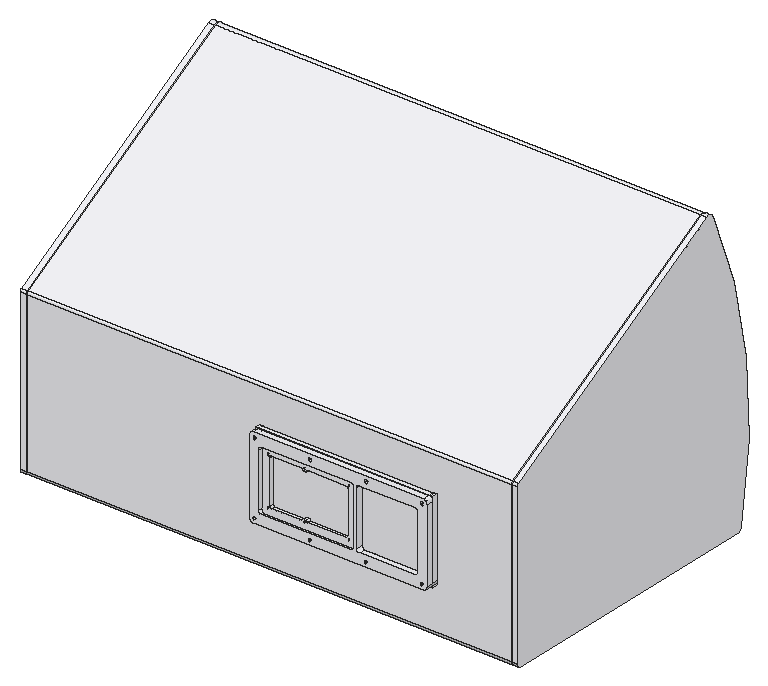
Revit family "EVU-1082", category Communication Devices, Revit 2017 (continued)
Definition of nested family "InputPanel_small"
  Lines and regions (mm)
    model lines, not visible
      curve 386: line (58.729, -9.5, 63.926) -> (58.568, -9.5, 64.914)
      curve 387: line (58.568, -9.5, 64.914) -> (58.11, -9.5, 65.752)
      curve 388: line (58.11, -9.5, 65.752) -> (57.423, -9.5, 66.311)
      curve 389: line (57.423, -9.5, 66.311) -> (56.614, -9.5, 66.508)
      curve 390: line (56.614, -9.5, 66.508) -> (55.805, -9.5, 66.311)
      curve 391: line (55.805, -9.5, 66.311) -> (55.118, -9.5, 65.751)
      curve 392: line (55.118, -9.5, 65.751) -> (54.664, -9.5, 64.92)
      curve 393: line (54.66, -9.5, 64.914) -> (54.376, -9.5, 63.925)
      curve 394: line (54.376, -9.5, 63.925) -> (53.684, -9.5, 63.925)
      curve 395: line (53.684, -9.5, 63.925) -> (51.566, -9.5, 63.925)
      curve 396: line (51.566, -9.5, 63.925) -> (51.567, -9.5, 70.15)
      curve 397: line (54.497, -9.5, 82.844) -> (54.658, -9.5, 81.856)
      curve 398: line (54.658, -9.5, 81.856) -> (55.117, -9.5, 81.019)
      curve 399: line (55.117, -9.5, 81.019) -> (55.803, -9.5, 80.459)
      curve 400: line (55.803, -9.5, 80.459) -> (56.612, -9.5, 80.263)
      curve 401: line (56.612, -9.5, 80.263) -> (57.422, -9.5, 80.459)
      curve 402: line (57.422, -9.5, 80.459) -> (58.108, -9.5, 81.019)
      curve 403: line (58.108, -9.5, 81.019) -> (58.566, -9.5, 81.857)
      curve 404: line (58.566, -9.5, 81.857) -> (58.727, -9.5, 82.845)
      curve 405: line (58.727, -9.5, 82.845) -> (58.566, -9.5, 83.833)
      curve 406: line (58.566, -9.5, 83.833) -> (58.107, -9.5, 84.671)
      curve 407: line (58.107, -9.5, 84.671) -> (57.421, -9.5, 85.23)
      curve 408: line (57.421, -9.5, 85.23) -> (56.612, -9.5, 85.427)
      curve 409: line (56.612, -9.5, 85.427) -> (55.802, -9.5, 85.23)
      curve 410: line (55.802, -9.5, 85.23) -> (55.116, -9.5, 84.67)
      curve 411: line (55.116, -9.5, 84.67) -> (54.661, -9.5, 83.839)
      curve 412: line (54.658, -9.5, 83.833) -> (54.374, -9.5, 82.844)
      curve 413: line (54.374, -9.5, 82.844) -> (53.682, -9.5, 82.844)
      curve 414: line (53.682, -9.5, 82.844) -> (51.565, -9.5, 82.844)
      curve 415: line (51.565, -9.5, 82.844) -> (51.565, -9.5, 85.997)
      curve 416: line (54.498, -9.5, 70.232) -> (54.66, -9.5, 69.244)
      curve 417: line (54.66, -9.5, 69.244) -> (55.118, -9.5, 68.406)
      curve 418: line (55.118, -9.5, 68.406) -> (55.804, -9.5, 67.846)
      curve 419: line (55.804, -9.5, 67.846) -> (56.614, -9.5, 67.65)
      curve 420: line (56.614, -9.5, 67.65) -> (57.423, -9.5, 67.847)
      curve 421: line (57.423, -9.5, 67.847) -> (58.109, -9.5, 68.406)
      curve 422: line (58.109, -9.5, 68.406) -> (58.568, -9.5, 69.244)
      curve 423: line (58.568, -9.5, 69.244) -> (58.729, -9.5, 70.232)
      curve 424: line (58.729, -9.5, 70.232) -> (58.568, -9.5, 71.22)
      curve 425: line (58.568, -9.5, 71.22) -> (58.109, -9.5, 72.058)
      curve 426: line (58.109, -9.5, 72.058) -> (57.423, -9.5, 72.618)
      curve 427: line (57.423, -9.5, 72.618) -> (56.613, -9.5, 72.814)
      curve 428: line (56.613, -9.5, 72.814) -> (55.804, -9.5, 72.617)
      curve 429: line (55.804, -9.5, 72.617) -> (55.118, -9.5, 72.058)
      curve 430: line (55.118, -9.5, 72.058) -> (54.663, -9.5, 71.227)
      curve 431: line (54.659, -9.5, 71.22) -> (54.376, -9.5, 70.232)
      curve 432: line (54.376, -9.5, 70.232) -> (53.684, -9.5, 70.232)
      curve 433: line (53.684, -9.5, 70.232) -> (51.566, -9.5, 70.231)
      curve 434: line (51.566, -9.5, 70.231) -> (51.567, -9.5, 76.427)
      curve 435: line (57.428, -9.5, 60.773) -> (57.64, -9.5, 60.773)
      curve 436: line (57.64, -9.5, 60.773) -> (57.64, -9.5, 61.116)
      curve 437: line (57.561, -9.5, 61.254) -> (57.428, -9.5, 61.38)
      curve 438: line (57.428, -9.5, 61.38) -> (57.428, -9.5, 60.773)
      curve 439: line (57.428, -9.5, 60.773) -> (55.801, -9.5, 60.772)
      curve 440: line (55.801, -9.5, 60.772) -> (55.801, -9.5, 61.379)
      curve 441: line (55.8, -9.5, 67.687) -> (55.8, -9.5, 66.472)
      curve 442: line (55.8, -9.5, 73.992) -> (55.8, -9.5, 72.777)
      curve 443: line (55.799, -9.5, 80.299) -> (55.799, -9.5, 79.084)
      curve 444: line (57.425, -9.5, 85.998) -> (57.637, -9.5, 85.998)
      curve 445: line (57.637, -9.5, 85.998) -> (57.637, -9.5, 85.632)
      curve 446: line (57.558, -9.5, 85.516) -> (57.425, -9.5, 85.39)
      curve 447: line (57.425, -9.5, 85.39) -> (57.425, -9.5, 85.998)
      curve 448: line (57.425, -9.5, 85.998) -> (55.798, -9.5, 85.998)
      curve 449: line (55.798, -9.5, 85.998) -> (55.798, -9.5, 85.39)
      curve 450: line (57.638, -9.5, 80.036) -> (57.634, -9.5, 79.358)
      curve 451: line (57.559, -9.5, 79.211) -> (57.426, -9.5, 79.085)
      curve 452: line (57.426, -9.5, 79.085) -> (57.426, -9.5, 80.3)
      curve 453: line (57.426, -9.5, 80.3) -> (57.559, -9.5, 80.173)
      curve 454: line (57.427, -9.5, 73.992) -> (57.427, -9.5, 72.777)
      curve 455: line (57.427, -9.5, 72.777) -> (57.56, -9.5, 72.903)
      curve 456: line (57.638, -9.5, 73.019) -> (57.638, -9.5, 73.728)
      curve 457: line (57.56, -9.5, 73.866) -> (57.427, -9.5, 73.992)
      curve 458: line (57.639, -9.5, 67.423) -> (57.636, -9.5, 66.745)
      curve 459: line (57.561, -9.5, 66.598) -> (57.428, -9.5, 66.472)
      curve 460: line (57.428, -9.5, 66.472) -> (57.427, -9.5, 67.687)
      curve 461: line (57.427, -9.5, 67.687) -> (57.561, -9.5, 67.561)
      curve 462: line (52.991, -9.5, 73.096) -> (55.108, -9.5, 73.096)
      curve 463: line (55.108, -9.5, 73.096) -> (55.108, -9.5, 73.673)
      curve 464: line (55.108, -9.5, 73.673) -> (52.991, -9.5, 73.672)
      curve 465: line (52.991, -9.5, 73.672) -> (52.991, -9.5, 73.096)
      curve 466: line (52.99, -9.5, 79.403) -> (52.99, -9.5, 79.98)
      curve 467: line (52.99, -9.5, 79.98) -> (55.107, -9.5, 79.98)
      curve 468: line (55.107, -9.5, 79.98) -> (55.107, -9.5, 79.404)
      curve 469: line (55.107, -9.5, 79.404) -> (52.99, -9.5, 79.403)
      curve 470: line (52.991, -9.5, 66.791) -> (52.991, -9.5, 67.367)
      curve 471: line (52.991, -9.5, 67.367) -> (55.109, -9.5, 67.367)
      curve 472: line (55.109, -9.5, 67.367) -> (55.109, -9.5, 66.791)
      curve 473: line (55.109, -9.5, 66.791) -> (52.991, -9.5, 66.791)
      curve 474: line (55.107, -9.5, 85.998) -> (52.989, -9.5, 85.997)
      curve 475: line (52.989, -9.5, 85.997) -> (52.989, -9.5, 85.709)
      curve 476: line (52.989, -9.5, 85.709) -> (55.107, -9.5, 85.709)
      curve 477: line (55.107, -9.5, 85.709) -> (55.107, -9.5, 85.998)
      curve 478: line (55.107, -9.5, 85.998) -> (55.798, -9.5, 85.998)
      curve 479: line (55.801, -9.5, 60.772) -> (55.11, -9.5, 60.772)
      curve 480: line (55.11, -9.5, 60.772) -> (55.11, -9.5, 61.06)
      curve 481: line (55.11, -9.5, 61.06) -> (52.992, -9.5, 61.06)
      curve 482: line (52.992, -9.5, 61.06) -> (52.992, -9.5, 60.772)
      curve 483: line (52.992, -9.5, 60.772) -> (55.11, -9.5, 60.772)
      curve 484: line (54.504, -9.5, 76.743) -> (56.298, -9.5, 74.554)
      curve 485: line (56.298, -9.5, 74.554) -> (55.807, -9.5, 74.222)
      curve 486: line (54.503, -9.5, 83.049) -> (56.297, -9.5, 80.86)
      curve 487: line (56.297, -9.5, 80.86) -> (55.806, -9.5, 80.528)
      curve 488: line (54.531, -9.5, 76.998) -> (56.131, -9.5, 75.046)
      curve 489: line (56.131, -9.5, 75.046) -> (56.7, -9.5, 75.046)
      curve 490: line (56.7, -9.5, 75.046) -> (54.662, -9.5, 77.533)
      curve 491: line (54.531, -9.5, 83.304) -> (56.13, -9.5, 81.352)
      curve 492: line (56.13, -9.5, 81.352) -> (56.699, -9.5, 81.352)
      curve 493: line (56.699, -9.5, 81.352) -> (54.661, -9.5, 83.839)
      curve 494: line (54.505, -9.5, 70.437) -> (56.298, -9.5, 68.248)
      curve 495: line (56.298, -9.5, 68.248) -> (55.807, -9.5, 67.915)
      curve 496: line (54.506, -9.5, 64.13) -> (56.299, -9.5, 61.942)
      curve 497: line (56.299, -9.5, 61.942) -> (55.808, -9.5, 61.609)
      curve 498: line (54.533, -9.5, 64.385) -> (56.132, -9.5, 62.433)
      curve 499: line (56.132, -9.5, 62.433) -> (56.702, -9.5, 62.433)
      curve 500: line (56.702, -9.5, 62.433) -> (54.664, -9.5, 64.92)
      curve 501: line (54.532, -9.5, 70.691) -> (56.131, -9.5, 68.739)
      curve 502: line (56.131, -9.5, 68.739) -> (56.701, -9.5, 68.739)
      curve 503: line (56.701, -9.5, 68.739) -> (54.663, -9.5, 71.227)
      curve 504: line (51.568, -9.5, 63.815) -> (51.568, -9.5, 60.772)
      curve 505: line (51.568, -9.5, 60.772) -> (46.145, -9.5, 60.771)
      curve 506: line (46.145, -9.5, 60.771) -> (46.141, -9.5, 85.996)
      curve 507: line (46.141, -9.5, 85.996) -> (51.565, -9.5, 85.997)
      curve 508: line (51.565, -9.5, 85.997) -> (52.989, -9.5, 85.997)
      curve 509: line (52.989, -9.5, 85.997) -> (49.876, -9.5, 86.125)
      curve 510: line (49.876, -9.5, 86.125) -> (49.754, -9.5, 86.302)
      curve 511: line (52.992, -9.5, 60.772) -> (51.568, -9.5, 60.772)
      curve 512: line (45.361, -9.5, 79.392) -> (45.362, -9.5, 73.88)
      curve 513: line (45.362, -9.5, 73.88) -> (41.147, -9.5, 73.88)
      curve 514: line (41.147, -9.5, 73.88) -> (41.146, -9.5, 79.392)
      curve 515: line (41.146, -9.5, 79.392) -> (45.361, -9.5, 79.392)
      curve 516: line (41.146, -9.5, 79.988) -> (41.145, -9.5, 85.499)
      curve 517: line (41.145, -9.5, 85.499) -> (45.36, -9.5, 85.5)
      curve 518: line (45.36, -9.5, 85.5) -> (45.361, -9.5, 79.988)
      curve 519: line (45.361, -9.5, 79.988) -> (41.146, -9.5, 79.988)
      curve 520: line (45.819, -9.5, 60.771) -> (45.816, -9.5, 85.996)
      curve 521: line (45.816, -9.5, 85.996) -> (40.689, -9.5, 85.996)
      curve 522: line (40.689, -9.5, 85.996) -> (40.692, -9.5, 60.771)
      curve 523: line (40.692, -9.5, 60.771) -> (45.819, -9.5, 60.771)
      curve 524: line (45.819, -9.5, 60.771) -> (46.145, -9.5, 60.771)
      curve 525: line (45.363, -9.5, 66.78) -> (45.363, -9.5, 61.268)
      curve 526: line (45.363, -9.5, 61.268) -> (41.148, -9.5, 61.267)
      curve 527: line (41.148, -9.5, 61.267) -> (41.147, -9.5, 66.779)
      curve 528: line (41.147, -9.5, 66.779) -> (45.363, -9.5, 66.78)
      curve 529: line (41.147, -9.5, 67.375) -> (41.147, -9.5, 72.887)
      curve 530: line (41.147, -9.5, 72.887) -> (45.362, -9.5, 72.887)
      curve 531: line (45.362, -9.5, 72.887) -> (45.363, -9.5, 67.375)
      curve 532: line (45.363, -9.5, 67.375) -> (41.147, -9.5, 67.375)
      curve 533: line (45.816, -9.5, 85.996) -> (46.141, -9.5, 85.996)
      curve 534: line (46.141, -9.5, 85.996) -> (42.88, -9.5, 86.124)
      curve 535: line (42.88, -9.5, 86.124) -> (42.758, -9.5, 86.301)
      curve 536: line (42.758, -9.5, 86.301) -> (45.891, -9.5, 86.301)
      curve 537: line (45.891, -9.5, 86.301) -> (46.013, -9.5, 86.124)
      curve 538: line (45.361, -9.5, 78.225) -> (43.953, -9.5, 78.225)
      curve 539: line (43.953, -9.5, 78.225) -> (43.627, -9.5, 78.913)
      curve 540: line (43.627, -9.5, 78.913) -> (43.242, -9.5, 79.392)
      curve 541: line (45.363, -9.5, 65.613) -> (43.954, -9.5, 65.612)
      curve 542: line (43.954, -9.5, 65.612) -> (43.629, -9.5, 66.3)
      curve 543: line (43.629, -9.5, 66.3) -> (43.244, -9.5, 66.779)
      curve 544: line (45.362, -9.5, 68.542) -> (43.954, -9.5, 68.542)
      curve 545: line (43.954, -9.5, 68.542) -> (43.629, -9.5, 67.854)
      curve 546: line (43.629, -9.5, 67.854) -> (43.244, -9.5, 67.375)
      curve 547: line (45.361, -9.5, 81.155) -> (43.952, -9.5, 81.155)
      curve 548: line (43.952, -9.5, 81.155) -> (43.627, -9.5, 80.467)
      curve 549: line (43.627, -9.5, 80.467) -> (43.242, -9.5, 79.988)
      curve 550: line (45.362, -9.5, 71.919) -> (43.954, -9.5, 71.919)
      curve 551: line (43.954, -9.5, 71.919) -> (43.628, -9.5, 72.607)
      curve 552: line (43.628, -9.5, 72.607) -> (43.403, -9.5, 72.887)
      curve 553: line (45.361, -9.5, 84.532) -> (43.952, -9.5, 84.531)
      curve 554: line (43.952, -9.5, 84.531) -> (43.627, -9.5, 85.219)
      curve 555: line (43.627, -9.5, 85.219) -> (43.401, -9.5, 85.5)
      curve 556: line (45.362, -9.5, 74.849) -> (43.953, -9.5, 74.848)
      curve 557: line (43.953, -9.5, 74.848) -> (43.628, -9.5, 74.16)
      curve 558: line (43.403, -9.5, 73.88) -> (43.628, -9.5, 74.16)
      curve 559: line (43.628, -9.5, 74.16) -> (43.627, -9.5, 78.913)
      curve 560: line (45.363, -9.5, 62.236) -> (43.955, -9.5, 62.236)
      curve 561: line (43.955, -9.5, 62.236) -> (43.629, -9.5, 61.548)
      curve 562: line (43.629, -9.5, 61.548) -> (43.629, -9.5, 66.3)
      curve 563: line (43.404, -9.5, 61.267) -> (43.629, -9.5, 61.548)
      curve 564: line (43.954, -9.5, 68.542) -> (43.954, -9.5, 71.919)
      curve 565: line (43.952, -9.5, 81.155) -> (43.952, -9.5, 84.531)
      curve 566: line (43.954, -9.5, 65.612) -> (43.955, -9.5, 62.236)
      curve 567: line (43.953, -9.5, 78.225) -> (43.953, -9.5, 74.848)
      curve 568: line (45.891, -9.5, 86.301) -> (45.891, -9.5, 86.563)
      curve 569: line (45.891, -9.5, 86.563) -> (42.758, -9.5, 86.562)
      curve 570: line (42.758, -9.5, 86.562) -> (42.758, -9.5, 86.301)
      curve 571: line (45.891, -9.5, 86.563) -> (46.472, -9.5, 86.563)
      curve 572: line (46.472, -9.5, 86.563) -> (46.472, -9.5, 86.301)
      curve 573: line (46.472, -9.5, 86.301) -> (46.35, -9.5, 86.124)
      curve 574: line (42.244, -9.5, 79.988) -> (42.243, -9.5, 85.499)
      curve 575: line (42.246, -9.5, 67.375) -> (42.245, -9.5, 72.887)
      curve 576: line (42.246, -9.5, 61.267) -> (42.246, -9.5, 66.779)
      curve 577: line (42.245, -9.5, 73.88) -> (42.244, -9.5, 79.392)
      curve 578: line (43.629, -9.5, 67.854) -> (43.628, -9.5, 72.607)
      curve 579: line (43.627, -9.5, 80.467) -> (43.627, -9.5, 85.219)
      curve 580: line (52.887, -9.5, 86.302) -> (53.009, -9.5, 86.125)
      curve 581: line (52.887, -9.5, 86.563) -> (52.887, -9.5, 86.302)
      curve 582: line (52.887, -9.5, 86.302) -> (49.754, -9.5, 86.302)
      curve 583: line (49.754, -9.5, 86.302) -> (49.754, -9.5, 86.563)
      curve 584: line (49.754, -9.5, 86.563) -> (52.887, -9.5, 86.563)
      curve 585: line (52.887, -9.5, 86.563) -> (53.468, -9.5, 86.563)
      curve 586: line (53.468, -9.5, 86.563) -> (53.468, -9.5, 86.302)
      curve 587: line (53.468, -9.5, 86.302) -> (53.346, -9.5, 86.125)
      curve 588: line (78.97, -9.5, 60.972) -> (78.967, -9.5, 85.803)
      curve 589: line (78.912, -9.5, 85.748) -> (78.915, -9.5, 61.027)
      curve 590: line (77.958, -9.5, 86.812) -> (40.515, -9.5, 86.808)
      curve 591: line (40.57, -9.5, 86.753) -> (77.903, -9.5, 86.757)
      curve 592: line (39.506, -9.5, 85.799) -> (39.509, -9.5, 60.968)
      curve 593: line (39.509, -9.5, 60.97) -> (39.561, -9.5, 85.744)
      curve 594: line (40.518, -9.5, 59.959) -> (77.962, -9.5, 59.963)
      curve 595: line (77.907, -9.5, 60.018) -> (40.573, -9.5, 60.014)
      curve 596: line (61.368, -9.5, 70.233) -> (59.749, -9.5, 70.232)
      curve 597: line (59.749, -9.5, 70.232) -> (59.415, -9.5, 70.232)
      curve 598: line (61.369, -9.5, 63.926) -> (59.75, -9.5, 63.926)
      curve 599: line (59.75, -9.5, 63.926) -> (59.417, -9.5, 63.926)
      curve 600: line (61.367, -9.5, 76.539) -> (59.748, -9.5, 76.539)
      curve 601: line (59.748, -9.5, 76.539) -> (59.415, -9.5, 76.539)
      curve 602: line (61.367, -9.5, 82.845) -> (59.747, -9.5, 82.845)
      curve 603: line (59.747, -9.5, 82.845) -> (59.414, -9.5, 82.845)
      curve 604: line (57.109, -9.5, 76.538) -> (58.728, -9.5, 76.539)
      curve 605: line (58.728, -9.5, 76.539) -> (59.062, -9.5, 76.539)
      curve 606: line (57.108, -9.5, 82.845) -> (58.727, -9.5, 82.845)
      curve 607: line (58.727, -9.5, 82.845) -> (59.06, -9.5, 82.845)
      curve 608: line (57.109, -9.5, 70.232) -> (58.729, -9.5, 70.232)
      curve 609: line (58.729, -9.5, 70.232) -> (59.062, -9.5, 70.232)
      curve 610: line (57.11, -9.5, 63.926) -> (58.729, -9.5, 63.926)
      curve 611: line (58.729, -9.5, 63.926) -> (59.063, -9.5, 63.926)
    model lines
      curve 612: arc (-30.696, -4.337, 30.291) -> (-31.037, -4.337, 28.695) -> (-32.139, -4.337, 27.491) r 3.109
      curve 613: arc (-30.695, -4.337, 42.904) -> (-31.035, -4.337, 41.308) -> (-32.138, -4.337, 40.104) r 3.109
      curve 614: arc (-30.698, -4.337, 23.985) -> (-31.033, -4.337, 22.399) -> (-32.121, -4.337, 21.198) r 3.108
      curve 615: arc (-30.696, -4.337, 36.598) -> (-31.031, -4.337, 35.012) -> (-32.119, -4.337, 33.811) r 3.108
      curve 616: arc (-31.992, -4.337, 33.004) -> (-31.001, -4.337, 31.812) -> (-30.695, -4.337, 30.291) r 3.166
      curve 617: arc (-31.991, -4.337, 45.616) -> (-30.999, -4.337, 44.424) -> (-30.693, -4.337, 42.904) r 3.166
      curve 618: arc (-31.993, -4.337, 26.696) -> (-31.002, -4.337, 25.504) -> (-30.696, -4.337, 23.985) r 3.165
      curve 619: arc (-31.991, -4.337, 39.309) -> (-31.001, -4.337, 38.117) -> (-30.695, -4.337, 36.598) r 3.165
      curve 620: arc (-30.343, -4.337, 36.598) -> (-30.002, -4.337, 38.194) -> (-28.9, -4.337, 39.398) r 3.109
      curve 621: arc (-30.344, -4.337, 23.985) -> (-30.004, -4.337, 25.581) -> (-28.901, -4.337, 26.785) r 3.109
      curve 622: arc (-30.341, -4.337, 42.904) -> (-30.006, -4.337, 44.49) -> (-28.918, -4.337, 45.691) r 3.108
      curve 623: arc (-30.343, -4.337, 30.291) -> (-30.007, -4.337, 31.877) -> (-28.92, -4.337, 33.078) r 3.108
      curve 624: arc (-29.046, -4.337, 33.885) -> (-30.038, -4.337, 35.077) -> (-30.344, -4.337, 36.598) r 3.166
      curve 625: arc (-29.048, -4.337, 21.273) -> (-30.039, -4.337, 22.465) -> (-30.346, -4.337, 23.985) r 3.166
      curve 626: arc (-29.046, -4.337, 40.193) -> (-30.037, -4.337, 41.385) -> (-30.343, -4.337, 42.904) r 3.165
      curve 627: arc (-29.048, -4.337, 27.58) -> (-30.038, -4.337, 28.772) -> (-30.344, -4.337, 30.291) r 3.165
      curve 628: arc (-33.959, -4.337, 27.746) -> (-35.033, -4.337, 28.816) -> (-35.384, -4.337, 30.292) r 2.775
      curve 629: arc (-34.651, -4.337, 27.426) -> (-35.725, -4.337, 28.679) -> (-36.075, -4.337, 30.292) r 3.371
      curve 630: arc (-33.959, -4.337, 27.746) -> (-34.28, -4.337, 27.533) -> (-34.651, -4.337, 27.426) r 1.273
      curve 631: arc (-33.957, -4.337, 40.358) -> (-35.031, -4.337, 41.429) -> (-35.382, -4.337, 42.905) r 2.775
      curve 632: arc (-34.649, -4.337, 40.039) -> (-35.723, -4.337, 41.292) -> (-36.074, -4.337, 42.905) r 3.371
      curve 633: arc (-33.957, -4.337, 40.358) -> (-34.279, -4.337, 40.146) -> (-34.649, -4.337, 40.039) r 1.273
      curve 634: arc (-33.96, -4.337, 21.44) -> (-35.033, -4.337, 22.511) -> (-35.384, -4.337, 23.986) r 2.774
      curve 635: arc (-34.651, -4.337, 21.121) -> (-35.725, -4.337, 22.374) -> (-36.075, -4.337, 23.986) r 3.37
      curve 636: arc (-33.96, -4.337, 21.44) -> (-34.281, -4.337, 21.228) -> (-34.651, -4.337, 21.121) r 1.273
      curve 637: arc (-33.958, -4.337, 34.053) -> (-35.032, -4.337, 35.123) -> (-35.382, -4.337, 36.598) r 2.774
      curve 638: arc (-34.65, -4.337, 33.734) -> (-35.723, -4.337, 34.986) -> (-36.074, -4.337, 36.598) r 3.37
      curve 639: arc (-33.958, -4.337, 34.053) -> (-34.28, -4.337, 33.84) -> (-34.65, -4.337, 33.734) r 1.273
      curve 640: arc (-35.384, -4.337, 30.292) -> (-35.033, -4.337, 31.767) -> (-33.958, -4.337, 32.838) r 2.775
      curve 641: arc (-34.65, -4.337, 33.157) -> (-34.28, -4.337, 33.051) -> (-33.958, -4.337, 32.838) r 1.273
      curve 642: arc (-36.075, -4.337, 30.292) -> (-35.724, -4.337, 31.905) -> (-34.65, -4.337, 33.157) r 3.371
      curve 643: arc (-35.382, -4.337, 42.905) -> (-35.031, -4.337, 44.38) -> (-33.957, -4.337, 45.451) r 2.775
      curve 644: arc (-34.648, -4.337, 45.77) -> (-34.278, -4.337, 45.663) -> (-33.957, -4.337, 45.451) r 1.273
      curve 645: arc (-36.074, -4.337, 42.905) -> (-35.723, -4.337, 44.517) -> (-34.648, -4.337, 45.77) r 3.371
      curve 646: arc (-35.384, -4.337, 23.986) -> (-35.033, -4.337, 25.461) -> (-33.959, -4.337, 26.531) r 2.774
      curve 647: arc (-34.651, -4.337, 26.85) -> (-34.28, -4.337, 26.743) -> (-33.959, -4.337, 26.531) r 1.273
      curve 648: arc (-36.075, -4.337, 23.986) -> (-35.725, -4.337, 25.598) -> (-34.651, -4.337, 26.85) r 3.37
      curve 649: arc (-35.382, -4.337, 36.598) -> (-35.031, -4.337, 38.073) -> (-33.958, -4.337, 39.143) r 2.774
      curve 650: arc (-34.649, -4.337, 39.463) -> (-34.279, -4.337, 39.356) -> (-33.958, -4.337, 39.143) r 1.273
      curve 651: arc (-36.074, -4.337, 36.598) -> (-35.723, -4.337, 38.21) -> (-34.649, -4.337, 39.463) r 3.37
      curve 652: arc (-30.908, -4.337, 23.985) -> (-31.259, -4.337, 22.51) -> (-32.333, -4.337, 21.44) r 2.774
      curve 653: arc (-32.332, -4.337, 26.53) -> (-31.258, -4.337, 25.46) -> (-30.908, -4.337, 23.985) r 2.774
      curve 654: arc (-30.906, -4.337, 30.291) -> (-31.258, -4.337, 28.816) -> (-32.332, -4.337, 27.745) r 2.775
      curve 655: arc (-32.331, -4.337, 32.838) -> (-31.257, -4.337, 31.767) -> (-30.906, -4.337, 30.291) r 2.775
      curve 656: arc (-30.906, -4.337, 36.598) -> (-31.257, -4.337, 35.123) -> (-32.331, -4.337, 34.053) r 2.774
      curve 657: arc (-32.33, -4.337, 39.143) -> (-31.257, -4.337, 38.073) -> (-30.906, -4.337, 36.598) r 2.774
      curve 658: arc (-30.905, -4.337, 42.904) -> (-31.256, -4.337, 41.429) -> (-32.33, -4.337, 40.358) r 2.775
      curve 659: arc (-32.33, -4.337, 45.45) -> (-31.256, -4.337, 44.38) -> (-30.905, -4.337, 42.904) r 2.775
      curve 660: arc (-36.768, -4.337, 27.427) -> (-37.818, -4.337, 28.63) -> (-38.191, -4.337, 30.182) r 3.348
      curve 661: arc (-36.766, -4.337, 40.039) -> (-37.816, -4.337, 41.242) -> (-38.19, -4.337, 42.794) r 3.348
      curve 662: arc (-38.191, -4.337, 30.403) -> (-37.817, -4.337, 31.955) -> (-36.767, -4.337, 33.158) r 3.348
      curve 663: arc (-38.19, -4.337, 43.015) -> (-37.816, -4.337, 44.568) -> (-36.766, -4.337, 45.77) r 3.348
      curve 664: arc (-36.769, -4.337, 21.121) -> (-37.825, -4.337, 22.337) -> (-38.192, -4.337, 23.905) r 3.353
      curve 665: arc (-36.767, -4.337, 33.734) -> (-37.823, -4.337, 34.95) -> (-38.191, -4.337, 36.517) r 3.353
      curve 666: arc (-38.192, -4.337, 24.067) -> (-37.824, -4.337, 25.635) -> (-36.768, -4.337, 26.85) r 3.353
      curve 667: arc (-38.191, -4.337, 36.68) -> (-37.823, -4.337, 38.248) -> (-36.767, -4.337, 39.463) r 3.353
      curve 668: arc (-32.649, -4.337, 30.292) -> (-32.982, -4.337, 28.919) -> (-34.009, -4.337, 27.951) r 2.482
      curve 669: arc (-32.65, -4.337, 23.985) -> (-32.983, -4.337, 22.613) -> (-34.01, -4.337, 21.644) r 2.482
      curve 670: arc (-33.058, -4.337, 25.478) -> (-32.751, -4.337, 24.76) -> (-32.65, -4.337, 23.985) r 2.857
      curve 671: arc (-33.734, -4.337, 25.636) -> (-33.68, -4.337, 25.558) -> (-33.628, -4.337, 25.478) r 2.446
      curve 672: arc (-33.058, -4.337, 31.784) -> (-32.75, -4.337, 31.066) -> (-32.649, -4.337, 30.292) r 2.857
      curve 673: arc (-33.733, -4.337, 31.942) -> (-33.679, -4.337, 31.864) -> (-33.627, -4.337, 31.784) r 2.446
      curve 674: arc (-32.649, -4.337, 36.598) -> (-32.981, -4.337, 35.226) -> (-34.008, -4.337, 34.257) r 2.482
      curve 675: arc (-32.648, -4.337, 42.904) -> (-32.98, -4.337, 41.532) -> (-34.008, -4.337, 40.563) r 2.482
      curve 676: arc (-33.057, -4.337, 38.091) -> (-32.75, -4.337, 37.372) -> (-32.649, -4.337, 36.598) r 2.857
      curve 677: arc (-33.733, -4.337, 38.249) -> (-33.678, -4.337, 38.171) -> (-33.626, -4.337, 38.091) r 2.446
      curve 678: arc (-33.056, -4.337, 44.397) -> (-32.749, -4.337, 43.679) -> (-32.648, -4.337, 42.904) r 2.857
      curve 679: arc (-33.732, -4.337, 44.555) -> (-33.677, -4.337, 44.477) -> (-33.626, -4.337, 44.397) r 2.446
      curve 680: arc (-27.08, -4.337, 39.143) -> (-26.006, -4.337, 38.073) -> (-25.655, -4.337, 36.597) r 2.775
      curve 681: arc (-26.388, -4.337, 39.463) -> (-25.314, -4.337, 38.21) -> (-24.964, -4.337, 36.597) r 3.371
      curve 682: arc (-27.08, -4.337, 39.143) -> (-26.759, -4.337, 39.356) -> (-26.388, -4.337, 39.463) r 1.273
      curve 683: arc (-27.082, -4.337, 26.531) -> (-26.007, -4.337, 25.46) -> (-25.657, -4.337, 23.984) r 2.775
      curve 684: arc (-26.39, -4.337, 26.85) -> (-25.316, -4.337, 25.597) -> (-24.965, -4.337, 23.984) r 3.371
      curve 685: arc (-27.082, -4.337, 26.531) -> (-26.76, -4.337, 26.743) -> (-26.39, -4.337, 26.85) r 1.273
      curve 686: arc (-27.079, -4.337, 45.449) -> (-26.006, -4.337, 44.378) -> (-25.655, -4.337, 42.903) r 2.774
      curve 687: arc (-26.388, -4.337, 45.768) -> (-25.314, -4.337, 44.515) -> (-24.963, -4.337, 42.903) r 3.37
      curve 688: arc (-27.079, -4.337, 45.449) -> (-26.758, -4.337, 45.661) -> (-26.388, -4.337, 45.768) r 1.273
      curve 689: arc (-27.081, -4.337, 32.836) -> (-26.007, -4.337, 31.766) -> (-25.657, -4.337, 30.291) r 2.774
      curve 690: arc (-26.389, -4.337, 33.155) -> (-25.315, -4.337, 31.903) -> (-24.965, -4.337, 30.291) r 3.37
      curve 691: arc (-27.081, -4.337, 32.836) -> (-26.759, -4.337, 33.049) -> (-26.389, -4.337, 33.155) r 1.273
      curve 692: arc (-25.655, -4.337, 36.597) -> (-26.006, -4.337, 35.122) -> (-27.081, -4.337, 34.051) r 2.775
      curve 693: arc (-26.389, -4.337, 33.732) -> (-26.759, -4.337, 33.838) -> (-27.081, -4.337, 34.051) r 1.273
      curve 694: arc (-24.964, -4.337, 36.597) -> (-25.315, -4.337, 34.984) -> (-26.389, -4.337, 33.732) r 3.371
      curve 695: arc (-25.657, -4.337, 23.984) -> (-26.008, -4.337, 22.509) -> (-27.082, -4.337, 21.438) r 2.775
      curve 696: arc (-26.391, -4.337, 21.119) -> (-26.761, -4.337, 21.226) -> (-27.082, -4.337, 21.438) r 1.273
      curve 697: arc (-24.965, -4.337, 23.984) -> (-25.316, -4.337, 22.372) -> (-26.391, -4.337, 21.119) r 3.371
      curve 698: arc (-25.655, -4.337, 42.903) -> (-26.006, -4.337, 41.429) -> (-27.08, -4.337, 40.358) r 2.774
      curve 699: arc (-26.388, -4.337, 40.039) -> (-26.759, -4.337, 40.146) -> (-27.08, -4.337, 40.358) r 1.273
      curve 700: arc (-24.963, -4.337, 42.903) -> (-25.314, -4.337, 41.291) -> (-26.388, -4.337, 40.039) r 3.37
      curve 701: arc (-25.657, -4.337, 30.291) -> (-26.008, -4.337, 28.816) -> (-27.081, -4.337, 27.746) r 2.774
      curve 702: arc (-26.39, -4.337, 27.426) -> (-26.76, -4.337, 27.533) -> (-27.081, -4.337, 27.746) r 1.273
      curve 703: arc (-24.965, -4.337, 30.291) -> (-25.316, -4.337, 28.679) -> (-26.39, -4.337, 27.426) r 3.37
      curve 704: arc (-30.131, -4.337, 42.904) -> (-29.78, -4.337, 44.379) -> (-28.706, -4.337, 45.449) r 2.774
      curve 705: arc (-28.707, -4.337, 40.359) -> (-29.78, -4.337, 41.429) -> (-30.131, -4.337, 42.904) r 2.774
      curve 706: arc (-30.133, -4.337, 36.598) -> (-29.781, -4.337, 38.073) -> (-28.707, -4.337, 39.144) r 2.775
      curve 707: arc (-28.708, -4.337, 34.051) -> (-29.782, -4.337, 35.122) -> (-30.133, -4.337, 36.598) r 2.775
      curve 708: arc (-30.133, -4.337, 30.291) -> (-29.782, -4.337, 31.766) -> (-28.708, -4.337, 32.836) r 2.774
      curve 709: arc (-28.708, -4.337, 27.746) -> (-29.782, -4.337, 28.816) -> (-30.133, -4.337, 30.291) r 2.774
      curve 710: arc (-30.134, -4.337, 23.985) -> (-29.783, -4.337, 25.46) -> (-28.709, -4.337, 26.531) r 2.775
      curve 711: arc (-28.709, -4.337, 21.439) -> (-29.783, -4.337, 22.509) -> (-30.134, -4.337, 23.985) r 2.775
      curve 712: arc (-24.271, -4.337, 39.462) -> (-23.221, -4.337, 38.26) -> (-22.848, -4.337, 36.707) r 3.348
      curve 713: arc (-24.272, -4.337, 26.85) -> (-23.223, -4.337, 25.647) -> (-22.849, -4.337, 24.095) r 3.348
      curve 714: arc (-22.848, -4.337, 36.486) -> (-23.222, -4.337, 34.934) -> (-24.272, -4.337, 33.731) r 3.348
      curve 715: arc (-22.849, -4.337, 23.874) -> (-23.223, -4.337, 22.321) -> (-24.273, -4.337, 21.119) r 3.348
      curve 716: arc (-24.27, -4.337, 45.768) -> (-23.214, -4.337, 44.552) -> (-22.847, -4.337, 42.984) r 3.353
      curve 717: arc (-24.272, -4.337, 33.155) -> (-23.216, -4.337, 31.939) -> (-22.848, -4.337, 30.372) r 3.353
      curve 718: arc (-22.847, -4.337, 42.822) -> (-23.215, -4.337, 41.254) -> (-24.271, -4.337, 40.039) r 3.353
      curve 719: arc (-22.848, -4.337, 30.209) -> (-23.216, -4.337, 28.641) -> (-24.272, -4.337, 27.426) r 3.353
      curve 720: arc (-28.389, -4.337, 42.904) -> (-28.056, -4.337, 44.276) -> (-27.029, -4.337, 45.245) r 2.482
      curve 721: arc (-28.39, -4.337, 36.597) -> (-28.057, -4.337, 37.97) -> (-27.03, -4.337, 38.938) r 2.482
      curve 722: arc (-27.981, -4.337, 35.105) -> (-28.288, -4.337, 35.823) -> (-28.39, -4.337, 36.597) r 2.857
      curve 723: arc (-27.306, -4.337, 34.947) -> (-27.36, -4.337, 35.025) -> (-27.412, -4.337, 35.105) r 2.446
      curve 724: arc (-27.981, -4.337, 41.411) -> (-28.288, -4.337, 42.129) -> (-28.389, -4.337, 42.904) r 2.857
      curve 725: arc (-27.305, -4.337, 41.253) -> (-27.359, -4.337, 41.331) -> (-27.411, -4.337, 41.411) r 2.446
      curve 726: arc (-28.39, -4.337, 30.291) -> (-28.058, -4.337, 31.663) -> (-27.031, -4.337, 32.632) r 2.482
      curve 727: arc (-28.391, -4.337, 23.985) -> (-28.058, -4.337, 25.357) -> (-27.031, -4.337, 26.326) r 2.482
      curve 728: arc (-27.983, -4.337, 22.492) -> (-28.29, -4.337, 23.21) -> (-28.391, -4.337, 23.985) r 2.857
      curve 729: arc (-27.307, -4.337, 22.334) -> (-27.362, -4.337, 22.412) -> (-27.413, -4.337, 22.492) r 2.446
      curve 730: arc (-27.982, -4.337, 28.799) -> (-28.289, -4.337, 29.517) -> (-28.39, -4.337, 30.291) r 2.857
      curve 731: arc (-27.306, -4.337, 28.64) -> (-27.361, -4.337, 28.718) -> (-27.412, -4.337, 28.798) r 2.446
      curve 732: spline (-49.243, -4.337, 20.022) -> (-49.374, -4.337, 20.031) -> (-49.504, -4.337, 20.057) -> (-49.629, -4.337, 20.099) -> (-49.747, -4.337, 20.158) -> (-49.857, -4.337, 20.231) -> (-49.956, -4.337, 20.318) -> (-50.043, -4.337, 20.417) -> (-50.116, -4.337, 20.527) -> (-50.175, -4.337, 20.645) -> (-50.217, -4.337, 20.77) -> (-50.243, -4.337, 20.9) -> (-50.251, -4.337, 21.031)
      curve 733: spline (-50.248, -4.337, 45.862) -> (-50.24, -4.337, 45.994) -> (-50.214, -4.337, 46.124) -> (-50.172, -4.337, 46.249) -> (-50.113, -4.337, 46.367) -> (-50.04, -4.337, 46.477) -> (-49.953, -4.337, 46.576) -> (-49.854, -4.337, 46.663) -> (-49.744, -4.337, 46.736) -> (-49.626, -4.337, 46.794) -> (-49.501, -4.337, 46.837) -> (-49.371, -4.337, 46.863) -> (-49.239, -4.337, 46.871)
      curve 734: spline (-11.796, -4.337, 46.867) -> (-11.664, -4.337, 46.858) -> (-11.535, -4.337, 46.832) -> (-11.41, -4.337, 46.79) -> (-11.291, -4.337, 46.731) -> (-11.182, -4.337, 46.658) -> (-11.082, -4.337, 46.571) -> (-10.995, -4.337, 46.472) -> (-10.922, -4.337, 46.362) -> (-10.864, -4.337, 46.244) -> (-10.821, -4.337, 46.119) -> (-10.796, -4.337, 45.989) -> (-10.787, -4.337, 45.858)
      curve 735: spline (-10.79, -4.337, 21.029) -> (-10.798, -4.337, 20.897) -> (-10.824, -4.337, 20.767) -> (-10.866, -4.337, 20.642) -> (-10.925, -4.337, 20.523) -> (-10.998, -4.337, 20.413) -> (-11.085, -4.337, 20.314) -> (-11.184, -4.337, 20.227) -> (-11.294, -4.337, 20.153) -> (-11.412, -4.337, 20.095) -> (-11.538, -4.337, 20.052) -> (-11.667, -4.337, 20.026) -> (-11.799, -4.337, 20.018)
      curve 736: spline (-11.851, -4.337, 46.812) -> (-11.719, -4.337, 46.803) -> (-11.59, -4.337, 46.777) -> (-11.465, -4.337, 46.735) -> (-11.346, -4.337, 46.676) -> (-11.237, -4.337, 46.603) -> (-11.137, -4.337, 46.516) -> (-11.05, -4.337, 46.417) -> (-10.977, -4.337, 46.307) -> (-10.919, -4.337, 46.189) -> (-10.876, -4.337, 46.064) -> (-10.851, -4.337, 45.934) -> (-10.842, -4.337, 45.803)
      curve 737: spline (-10.845, -4.337, 21.082) -> (-10.854, -4.337, 20.95) -> (-10.879, -4.337, 20.82) -> (-10.922, -4.337, 20.696) -> (-10.98, -4.337, 20.577) -> (-11.054, -4.337, 20.467) -> (-11.141, -4.337, 20.368) -> (-11.24, -4.337, 20.281) -> (-11.35, -4.337, 20.208) -> (-11.468, -4.337, 20.15) -> (-11.593, -4.337, 20.107) -> (-11.722, -4.337, 20.081) -> (-11.854, -4.337, 20.073)
      curve 738: spline (-50.193, -4.337, 45.807) -> (-50.185, -4.337, 45.939) -> (-50.159, -4.337, 46.069) -> (-50.117, -4.337, 46.194) -> (-50.058, -4.337, 46.312) -> (-49.985, -4.337, 46.422) -> (-49.898, -4.337, 46.521) -> (-49.799, -4.337, 46.608) -> (-49.689, -4.337, 46.681) -> (-49.571, -4.337, 46.739) -> (-49.446, -4.337, 46.782) -> (-49.316, -4.337, 46.808) -> (-49.184, -4.337, 46.816)
      curve 739: spline (-49.188, -4.337, 20.077) -> (-49.319, -4.337, 20.086) -> (-49.449, -4.337, 20.112) -> (-49.574, -4.337, 20.154) -> (-49.692, -4.337, 20.213) -> (-49.802, -4.337, 20.286) -> (-49.901, -4.337, 20.373) -> (-49.988, -4.337, 20.472) -> (-50.061, -4.337, 20.582) -> (-50.12, -4.337, 20.7) -> (-50.162, -4.337, 20.825) -> (-50.188, -4.337, 20.955) -> (-50.196, -4.337, 21.086)
      curve 740: line (-35.26, -4.337, 30.292) -> (-35.099, -4.337, 31.28)
      curve 741: line (-35.099, -4.337, 31.28) -> (-34.641, -4.337, 32.118)
      curve 742: line (-34.641, -4.337, 32.118) -> (-33.954, -4.337, 32.677)
      curve 743: line (-33.954, -4.337, 32.677) -> (-33.145, -4.337, 32.874)
      curve 744: line (-33.145, -4.337, 32.874) -> (-32.335, -4.337, 32.677)
      curve 745: line (-32.335, -4.337, 32.677) -> (-31.649, -4.337, 32.117)
      curve 746: line (-31.649, -4.337, 32.117) -> (-31.191, -4.337, 31.28)
      curve 747: line (-31.191, -4.337, 31.28) -> (-31.03, -4.337, 30.291)
      curve 748: line (-31.03, -4.337, 30.291) -> (-31.191, -4.337, 29.303)
      curve 749: line (-31.191, -4.337, 29.303) -> (-31.65, -4.337, 28.466)
      curve 750: line (-31.65, -4.337, 28.466) -> (-32.336, -4.337, 27.906)
      curve 751: line (-32.336, -4.337, 27.906) -> (-33.145, -4.337, 27.71)
      curve 752: line (-33.145, -4.337, 27.71) -> (-33.955, -4.337, 27.906)
      curve 753: line (-33.955, -4.337, 27.906) -> (-34.641, -4.337, 28.466)
      curve 754: line (-34.641, -4.337, 28.466) -> (-35.096, -4.337, 29.297)
      curve 755: line (-35.099, -4.337, 29.304) -> (-35.384, -4.337, 30.292)
      curve 756: line (-35.384, -4.337, 30.292) -> (-36.075, -4.337, 30.292)
      curve 757: line (-36.075, -4.337, 30.292) -> (-38.193, -4.337, 30.292)
      curve 758: line (-38.193, -4.337, 30.292) -> (-38.192, -4.337, 24.067)
      curve 759: line (-35.259, -4.337, 42.905) -> (-35.098, -4.337, 43.893)
      curve 760: line (-35.098, -4.337, 43.893) -> (-34.639, -4.337, 44.73)
      curve 761: line (-34.639, -4.337, 44.73) -> (-33.953, -4.337, 45.29)
      curve 762: line (-33.953, -4.337, 45.29) -> (-33.143, -4.337, 45.486)
      curve 763: line (-33.143, -4.337, 45.486) -> (-32.334, -4.337, 45.29)
      curve 764: line (-32.334, -4.337, 45.29) -> (-31.648, -4.337, 44.73)
      curve 765: line (-31.648, -4.337, 44.73) -> (-31.189, -4.337, 43.892)
      curve 766: line (-31.189, -4.337, 43.892) -> (-31.028, -4.337, 42.904)
      curve 767: line (-31.028, -4.337, 42.904) -> (-31.19, -4.337, 41.916)
      curve 768: line (-31.19, -4.337, 41.916) -> (-31.648, -4.337, 41.078)
      curve 769: line (-31.648, -4.337, 41.078) -> (-32.334, -4.337, 40.519)
      curve 770: line (-32.334, -4.337, 40.519) -> (-33.144, -4.337, 40.322)
      curve 771: line (-33.144, -4.337, 40.322) -> (-33.953, -4.337, 40.519)
      curve 772: line (-33.953, -4.337, 40.519) -> (-34.639, -4.337, 41.079)
      curve 773: line (-34.639, -4.337, 41.079) -> (-35.094, -4.337, 41.91)
      curve 774: line (-35.098, -4.337, 41.916) -> (-35.382, -4.337, 42.905)
      curve 775: line (-35.382, -4.337, 42.905) -> (-36.074, -4.337, 42.905)
      curve 776: line (-36.074, -4.337, 42.905) -> (-38.191, -4.337, 42.905)
      curve 777: line (-38.191, -4.337, 42.905) -> (-38.191, -4.337, 36.68)
      curve 778: line (-35.261, -4.337, 23.986) -> (-35.1, -4.337, 24.974)
      curve 779: line (-35.1, -4.337, 24.974) -> (-34.641, -4.337, 25.811)
      curve 780: line (-34.641, -4.337, 25.811) -> (-33.955, -4.337, 26.371)
      curve 781: line (-33.955, -4.337, 26.371) -> (-33.146, -4.337, 26.567)
      curve 782: line (-33.146, -4.337, 26.567) -> (-32.336, -4.337, 26.371)
      curve 783: line (-32.336, -4.337, 26.371) -> (-31.65, -4.337, 25.811)
      curve 784: line (-31.65, -4.337, 25.811) -> (-31.192, -4.337, 24.973)
      curve 785: line (-31.192, -4.337, 24.973) -> (-31.031, -4.337, 23.985)
      curve 786: line (-31.031, -4.337, 23.985) -> (-31.192, -4.337, 22.997)
      curve 787: line (-31.192, -4.337, 22.997) -> (-31.65, -4.337, 22.159)
      curve 788: line (-31.65, -4.337, 22.159) -> (-32.337, -4.337, 21.6)
      curve 789: line (-32.337, -4.337, 21.6) -> (-33.146, -4.337, 21.403)
      curve 790: line (-33.146, -4.337, 21.403) -> (-33.956, -4.337, 21.6)
      curve 791: line (-33.956, -4.337, 21.6) -> (-34.642, -4.337, 22.16)
      curve 792: line (-34.642, -4.337, 22.16) -> (-35.096, -4.337, 22.991)
      curve 793: line (-35.1, -4.337, 22.997) -> (-35.384, -4.337, 23.986)
      curve 794: line (-35.384, -4.337, 23.986) -> (-36.075, -4.337, 23.986)
      curve 795: line (-36.075, -4.337, 23.986) -> (-38.193, -4.337, 23.986)
      curve 796: line (-38.193, -4.337, 23.986) -> (-38.192, -4.337, 20.833)
      curve 797: line (-38.192, -4.337, 20.833) -> (-36.769, -4.337, 20.833)
      curve 798: line (-36.769, -4.337, 20.833) -> (-39.881, -4.337, 20.705)
      curve 799: line (-39.881, -4.337, 20.705) -> (-40.003, -4.337, 20.528)
      curve 800: line (-40.003, -4.337, 20.528) -> (-36.871, -4.337, 20.528)
      curve 801: line (-36.871, -4.337, 20.528) -> (-36.749, -4.337, 20.705)
      curve 802: line (-35.259, -4.337, 36.598) -> (-35.098, -4.337, 37.586)
      curve 803: line (-35.098, -4.337, 37.586) -> (-34.64, -4.337, 38.424)
      curve 804: line (-34.64, -4.337, 38.424) -> (-33.953, -4.337, 38.984)
      curve 805: line (-33.953, -4.337, 38.984) -> (-33.144, -4.337, 39.18)
      curve 806: line (-33.144, -4.337, 39.18) -> (-32.335, -4.337, 38.983)
      curve 807: line (-32.335, -4.337, 38.983) -> (-31.648, -4.337, 38.424)
      curve 808: line (-31.648, -4.337, 38.424) -> (-31.19, -4.337, 37.586)
      curve 809: line (-31.19, -4.337, 37.586) -> (-31.029, -4.337, 36.598)
      curve 810: line (-31.029, -4.337, 36.598) -> (-31.19, -4.337, 35.61)
      curve 811: line (-31.19, -4.337, 35.61) -> (-31.649, -4.337, 34.772)
      curve 812: line (-31.649, -4.337, 34.772) -> (-32.335, -4.337, 34.212)
      curve 813: line (-32.335, -4.337, 34.212) -> (-33.145, -4.337, 34.016)
      curve 814: line (-33.145, -4.337, 34.016) -> (-33.954, -4.337, 34.213)
      curve 815: line (-33.954, -4.337, 34.213) -> (-34.64, -4.337, 34.772)
      curve 816: line (-34.64, -4.337, 34.772) -> (-35.095, -4.337, 35.603)
      curve 817: line (-35.099, -4.337, 35.61) -> (-35.382, -4.337, 36.598)
      curve 818: line (-35.382, -4.337, 36.598) -> (-36.074, -4.337, 36.598)
      curve 819: line (-36.074, -4.337, 36.598) -> (-38.191, -4.337, 36.599)
      curve 820: line (-38.191, -4.337, 36.599) -> (-38.191, -4.337, 30.403)
      curve 821: line (-32.33, -4.337, 46.057) -> (-32.118, -4.337, 46.057)
      curve 822: line (-32.118, -4.337, 46.057) -> (-32.118, -4.337, 45.714)
      curve 823: line (-32.197, -4.337, 45.576) -> (-32.33, -4.337, 45.45)
      curve 824: line (-32.33, -4.337, 45.45) -> (-32.33, -4.337, 46.057)
      curve 825: line (-32.33, -4.337, 46.057) -> (-33.957, -4.337, 46.058)
      curve 826: line (-33.957, -4.337, 46.058) -> (-33.957, -4.337, 45.451)
      curve 827: line (-33.958, -4.337, 39.143) -> (-33.957, -4.337, 40.358)
      curve 828: line (-33.958, -4.337, 32.838) -> (-33.958, -4.337, 34.053)
      curve 829: line (-33.959, -4.337, 26.531) -> (-33.959, -4.337, 27.746)
      curve 830: line (-32.333, -4.337, 20.832) -> (-32.121, -4.337, 20.832)
      curve 831: line (-32.121, -4.337, 20.832) -> (-32.121, -4.337, 21.198)
      curve 832: line (-32.2, -4.337, 21.314) -> (-32.333, -4.337, 21.44)
      curve 833: line (-32.333, -4.337, 21.44) -> (-32.333, -4.337, 20.832)
      curve 834: line (-32.333, -4.337, 20.832) -> (-33.96, -4.337, 20.832)
      curve 835: line (-33.96, -4.337, 20.832) -> (-33.96, -4.337, 21.44)
      curve 836: line (-32.12, -4.337, 26.794) -> (-32.123, -4.337, 27.472)
      curve 837: line (-32.199, -4.337, 27.619) -> (-32.332, -4.337, 27.745)
      curve 838: line (-32.332, -4.337, 27.745) -> (-32.332, -4.337, 26.53)
      curve 839: line (-32.332, -4.337, 26.53) -> (-32.199, -4.337, 26.657)
      curve 840: line (-32.331, -4.337, 32.838) -> (-32.331, -4.337, 34.053)
      curve 841: line (-32.331, -4.337, 34.053) -> (-32.198, -4.337, 33.927)
      curve 842: line (-32.119, -4.337, 33.811) -> (-32.119, -4.337, 33.102)
      curve 843: line (-32.198, -4.337, 32.964) -> (-32.331, -4.337, 32.838)
      curve 844: line (-32.119, -4.337, 39.407) -> (-32.122, -4.337, 40.085)
      curve 845: line (-32.197, -4.337, 40.232) -> (-32.33, -4.337, 40.358)
      curve 846: line (-32.33, -4.337, 40.358) -> (-32.33, -4.337, 39.143)
      curve 847: line (-32.33, -4.337, 39.143) -> (-32.197, -4.337, 39.269)
      curve 848: line (-36.767, -4.337, 33.734) -> (-34.65, -4.337, 33.734)
      curve 849: line (-34.65, -4.337, 33.734) -> (-34.65, -4.337, 33.157)
      curve 850: line (-34.65, -4.337, 33.157) -> (-36.767, -4.337, 33.158)
      curve 851: line (-36.767, -4.337, 33.158) -> (-36.767, -4.337, 33.734)
      curve 852: line (-36.768, -4.337, 27.427) -> (-36.768, -4.337, 26.85)
      curve 853: line (-36.768, -4.337, 26.85) -> (-34.651, -4.337, 26.85)
      curve 854: line (-34.651, -4.337, 26.85) -> (-34.651, -4.337, 27.426)
      curve 855: line (-34.651, -4.337, 27.426) -> (-36.768, -4.337, 27.427)
      curve 856: line (-36.766, -4.337, 40.039) -> (-36.767, -4.337, 39.463)
      curve 857: line (-36.767, -4.337, 39.463) -> (-34.649, -4.337, 39.463)
      curve 858: line (-34.649, -4.337, 39.463) -> (-34.649, -4.337, 40.039)
      curve 859: line (-34.649, -4.337, 40.039) -> (-36.766, -4.337, 40.039)
      curve 860: line (-34.651, -4.337, 20.832) -> (-36.769, -4.337, 20.833)
      curve 861: line (-36.769, -4.337, 20.833) -> (-36.769, -4.337, 21.121)
      curve 862: line (-36.769, -4.337, 21.121) -> (-34.651, -4.337, 21.121)
      curve 863: line (-34.651, -4.337, 21.121) -> (-34.651, -4.337, 20.832)
      curve 864: line (-34.651, -4.337, 20.832) -> (-33.96, -4.337, 20.832)
      curve 865: line (-33.957, -4.337, 46.058) -> (-34.648, -4.337, 46.058)
      curve 866: line (-34.648, -4.337, 46.058) -> (-34.648, -4.337, 45.77)
      curve 867: line (-34.648, -4.337, 45.77) -> (-36.766, -4.337, 45.77)
      curve 868: line (-36.766, -4.337, 45.77) -> (-36.766, -4.337, 46.058)
      curve 869: line (-36.766, -4.337, 46.058) -> (-34.648, -4.337, 46.058)
      curve 870: line (-35.254, -4.337, 23.781) -> (-33.461, -4.337, 25.97)
      curve 871: line (-33.461, -4.337, 25.97) -> (-33.952, -4.337, 26.302)
      curve 872: line (-35.254, -4.337, 30.087) -> (-33.46, -4.337, 32.276)
      curve 873: line (-33.46, -4.337, 32.276) -> (-33.951, -4.337, 32.608)
      curve 874: line (-35.227, -4.337, 23.526) -> (-33.628, -4.337, 25.478)
      curve 875: line (-33.628, -4.337, 25.478) -> (-33.058, -4.337, 25.478)
      curve 876: line (-33.058, -4.337, 25.478) -> (-35.096, -4.337, 22.991)
      curve 877: line (-35.227, -4.337, 29.832) -> (-33.627, -4.337, 31.784)
      curve 878: line (-33.627, -4.337, 31.784) -> (-33.058, -4.337, 31.784)
      curve 879: line (-33.058, -4.337, 31.784) -> (-35.096, -4.337, 29.297)
      curve 880: line (-35.226, -4.337, 36.139) -> (-33.626, -4.337, 38.091)
      curve 881: line (-33.626, -4.337, 38.091) -> (-33.057, -4.337, 38.091)
      curve 882: line (-33.057, -4.337, 38.091) -> (-35.095, -4.337, 35.603)
      curve 883: line (-35.253, -4.337, 36.393) -> (-33.459, -4.337, 38.582)
      curve 884: line (-33.459, -4.337, 38.582) -> (-33.95, -4.337, 38.915)
      curve 885: line (-35.252, -4.337, 42.7) -> (-33.459, -4.337, 44.888)
      curve 886: line (-33.459, -4.337, 44.888) -> (-33.95, -4.337, 45.221)
      curve 887: line (-35.225, -4.337, 42.445) -> (-33.626, -4.337, 44.397)
      curve 888: line (-33.626, -4.337, 44.397) -> (-33.056, -4.337, 44.397)
      curve 889: line (-33.056, -4.337, 44.397) -> (-35.094, -4.337, 41.91)
      curve 890: line (-38.19, -4.337, 43.015) -> (-38.189, -4.337, 46.058)
      curve 891: line (-38.189, -4.337, 46.058) -> (-43.613, -4.337, 46.059)
      curve 892: line (-43.613, -4.337, 46.059) -> (-43.616, -4.337, 20.834)
      curve 893: line (-43.616, -4.337, 20.834) -> (-38.192, -4.337, 20.833)
      curve 894: line (-36.766, -4.337, 46.058) -> (-38.189, -4.337, 46.058)
      curve 895: line (-43.613, -4.337, 46.059) -> (-43.939, -4.337, 46.059)
      curve 896: line (-43.939, -4.337, 46.059) -> (-43.942, -4.337, 20.834)
      curve 897: line (-43.942, -4.337, 20.834) -> (-43.616, -4.337, 20.834)
      curve 898: line (-43.616, -4.337, 20.834) -> (-43.745, -4.337, 20.706)
      curve 899: line (-43.745, -4.337, 20.706) -> (-43.867, -4.337, 20.529)
      curve 900: line (-44.397, -4.337, 27.438) -> (-44.396, -4.337, 32.95)
      curve 901: line (-44.396, -4.337, 32.95) -> (-48.611, -4.337, 32.95)
      curve 902: line (-48.611, -4.337, 32.95) -> (-48.612, -4.337, 27.438)
      curve 903: line (-48.612, -4.337, 27.438) -> (-44.397, -4.337, 27.438)
      curve 904: line (-48.612, -4.337, 26.842) -> (-48.613, -4.337, 21.331)
      curve 905: line (-48.613, -4.337, 21.331) -> (-44.397, -4.337, 21.33)
      curve 906: line (-44.397, -4.337, 21.33) -> (-44.397, -4.337, 26.842)
      curve 907: line (-44.397, -4.337, 26.842) -> (-48.612, -4.337, 26.842)
      curve 908: line (-43.942, -4.337, 20.834) -> (-49.068, -4.337, 20.834)
      curve 909: line (-49.068, -4.337, 20.834) -> (-49.065, -4.337, 46.059)
      curve 910: line (-49.065, -4.337, 46.059) -> (-43.939, -4.337, 46.059)
      curve 911: line (-44.395, -4.337, 40.05) -> (-44.395, -4.337, 45.562)
      curve 912: line (-44.395, -4.337, 45.562) -> (-48.61, -4.337, 45.563)
      curve 913: line (-48.61, -4.337, 45.563) -> (-48.61, -4.337, 40.051)
      curve 914: line (-48.61, -4.337, 40.051) -> (-44.395, -4.337, 40.05)
      curve 915: line (-48.611, -4.337, 39.455) -> (-48.611, -4.337, 33.943)
      curve 916: line (-48.611, -4.337, 33.943) -> (-44.396, -4.337, 33.943)
      curve 917: line (-44.396, -4.337, 33.943) -> (-44.395, -4.337, 39.455)
      curve 918: line (-44.395, -4.337, 39.455) -> (-48.611, -4.337, 39.455)
      curve 919: line (-44.395, -4.337, 41.217) -> (-45.804, -4.337, 41.218)
      curve 920: line (-45.804, -4.337, 41.218) -> (-46.129, -4.337, 40.53)
      curve 921: line (-46.129, -4.337, 40.53) -> (-46.514, -4.337, 40.051)
      curve 922: line (-44.397, -4.337, 28.605) -> (-45.805, -4.337, 28.605)
      curve 923: line (-45.805, -4.337, 28.605) -> (-46.131, -4.337, 27.917)
      curve 924: line (-46.131, -4.337, 27.917) -> (-46.516, -4.337, 27.438)
      curve 925: line (-44.395, -4.337, 38.288) -> (-45.804, -4.337, 38.288)
      curve 926: line (-45.804, -4.337, 38.288) -> (-46.129, -4.337, 38.976)
      curve 927: line (-46.129, -4.337, 38.976) -> (-46.514, -4.337, 39.455)
      curve 928: line (-44.397, -4.337, 25.675) -> (-45.805, -4.337, 25.675)
      curve 929: line (-45.805, -4.337, 25.675) -> (-46.131, -4.337, 26.363)
      curve 930: line (-46.131, -4.337, 26.363) -> (-46.516, -4.337, 26.842)
      curve 931: line (-44.397, -4.337, 22.298) -> (-45.806, -4.337, 22.299)
      curve 932: line (-45.806, -4.337, 22.299) -> (-46.131, -4.337, 21.611)
      curve 933: line (-46.131, -4.337, 21.611) -> (-46.357, -4.337, 21.33)
      curve 934: line (-44.396, -4.337, 34.911) -> (-45.804, -4.337, 34.911)
      curve 935: line (-45.804, -4.337, 34.911) -> (-46.13, -4.337, 34.223)
      curve 936: line (-46.13, -4.337, 34.223) -> (-46.355, -4.337, 33.943)
      curve 937: line (-44.396, -4.337, 31.981) -> (-45.805, -4.337, 31.982)
      curve 938: line (-45.805, -4.337, 31.982) -> (-46.13, -4.337, 32.67)
      curve 939: line (-46.355, -4.337, 32.95) -> (-46.13, -4.337, 32.67)
      curve 940: line (-46.13, -4.337, 32.67) -> (-46.131, -4.337, 27.917)
      curve 941: line (-44.395, -4.337, 44.594) -> (-45.803, -4.337, 44.594)
      curve 942: line (-45.803, -4.337, 44.594) -> (-46.128, -4.337, 45.282)
      curve 943: line (-46.128, -4.337, 45.282) -> (-46.129, -4.337, 40.53)
      curve 944: line (-46.354, -4.337, 45.563) -> (-46.128, -4.337, 45.282)
      curve 945: line (-45.805, -4.337, 25.675) -> (-45.806, -4.337, 22.299)
      curve 946: line (-45.804, -4.337, 38.288) -> (-45.804, -4.337, 34.911)
      curve 947: line (-45.805, -4.337, 28.605) -> (-45.805, -4.337, 31.982)
      curve 948: line (-45.804, -4.337, 41.218) -> (-45.803, -4.337, 44.594)
      curve 949: line (-43.867, -4.337, 20.267) -> (-47, -4.337, 20.268)
      curve 950: line (-47, -4.337, 20.268) -> (-47, -4.337, 20.529)
      curve 951: line (-47, -4.337, 20.529) -> (-43.867, -4.337, 20.529)
      curve 952: line (-43.867, -4.337, 20.529) -> (-43.867, -4.337, 20.267)
      curve 953: line (-43.867, -4.337, 20.267) -> (-43.286, -4.337, 20.267)
      curve 954: line (-43.286, -4.337, 20.267) -> (-43.286, -4.337, 20.529)
      curve 955: line (-43.286, -4.337, 20.529) -> (-43.408, -4.337, 20.833)
      curve 956: line (-43.745, -4.337, 20.706) -> (-46.878, -4.337, 20.706)
      curve 957: line (-46.878, -4.337, 20.706) -> (-47, -4.337, 20.529)
      curve 958: line (-47.514, -4.337, 26.842) -> (-47.514, -4.337, 21.331)
      curve 959: line (-47.512, -4.337, 39.455) -> (-47.513, -4.337, 33.943)
      curve 960: line (-47.513, -4.337, 32.95) -> (-47.514, -4.337, 27.438)
      curve 961: line (-47.512, -4.337, 45.563) -> (-47.512, -4.337, 40.051)
      curve 962: line (-46.131, -4.337, 26.363) -> (-46.131, -4.337, 21.611)
      curve 963: line (-46.129, -4.337, 38.976) -> (-46.13, -4.337, 34.223)
      curve 964: line (-36.871, -4.337, 20.528) -> (-36.871, -4.337, 20.267)
      curve 965: line (-36.871, -4.337, 20.267) -> (-36.29, -4.337, 20.267)
      curve 966: line (-36.29, -4.337, 20.267) -> (-36.29, -4.337, 20.528)
      curve 967: line (-36.29, -4.337, 20.528) -> (-36.412, -4.337, 20.705)
      curve 968: line (-36.871, -4.337, 20.267) -> (-40.004, -4.337, 20.267)
      curve 969: line (-40.004, -4.337, 20.267) -> (-40.003, -4.337, 20.528)
      curve 970: line (-25.779, -4.337, 36.597) -> (-25.94, -4.337, 35.609)
      curve 971: line (-25.94, -4.337, 35.609) -> (-26.398, -4.337, 34.771)
      curve 972: line (-26.398, -4.337, 34.771) -> (-27.085, -4.337, 34.212)
      curve 973: line (-27.085, -4.337, 34.212) -> (-27.894, -4.337, 34.015)
      curve 974: line (-27.894, -4.337, 34.015) -> (-28.704, -4.337, 34.212)
      curve 975: line (-28.704, -4.337, 34.212) -> (-29.39, -4.337, 34.772)
      curve 976: line (-29.39, -4.337, 34.772) -> (-29.848, -4.337, 35.609)
      curve 977: line (-29.848, -4.337, 35.609) -> (-30.009, -4.337, 36.598)
      curve 978: line (-30.009, -4.337, 36.598) -> (-29.848, -4.337, 37.586)
      curve 979: line (-29.848, -4.337, 37.586) -> (-29.389, -4.337, 38.423)
      curve 980: line (-29.389, -4.337, 38.423) -> (-28.703, -4.337, 38.983)
      curve 981: line (-28.703, -4.337, 38.983) -> (-27.894, -4.337, 39.179)
      curve 982: line (-27.894, -4.337, 39.179) -> (-27.084, -4.337, 38.983)
      curve 983: line (-27.084, -4.337, 38.983) -> (-26.398, -4.337, 38.423)
      curve 984: line (-26.398, -4.337, 38.423) -> (-25.943, -4.337, 37.592)
      curve 985: line (-25.94, -4.337, 37.585) -> (-25.655, -4.337, 36.597)
      curve 986: line (-25.655, -4.337, 36.597) -> (-24.964, -4.337, 36.597)
      curve 987: line (-24.964, -4.337, 36.597) -> (-22.846, -4.337, 36.597)
      curve 988: line (-22.846, -4.337, 36.597) -> (-22.847, -4.337, 42.822)
      curve 989: line (-25.78, -4.337, 23.984) -> (-25.941, -4.337, 22.996)
      curve 990: line (-25.941, -4.337, 22.996) -> (-26.4, -4.337, 22.159)
      curve 991: line (-26.4, -4.337, 22.159) -> (-27.086, -4.337, 21.599)
      curve 992: line (-27.086, -4.337, 21.599) -> (-27.896, -4.337, 21.403)
      curve 993: line (-27.896, -4.337, 21.403) -> (-28.705, -4.337, 21.599)
      curve 994: line (-28.705, -4.337, 21.599) -> (-29.391, -4.337, 22.159)
      curve 995: line (-29.391, -4.337, 22.159) -> (-29.85, -4.337, 22.997)
      curve 996: line (-29.85, -4.337, 22.997) -> (-30.011, -4.337, 23.985)
      curve 997: line (-30.011, -4.337, 23.985) -> (-29.849, -4.337, 24.973)
      curve 998: line (-29.849, -4.337, 24.973) -> (-29.391, -4.337, 25.811)
      curve 999: line (-29.391, -4.337, 25.811) -> (-28.705, -4.337, 26.37)
      curve 1000: line (-28.705, -4.337, 26.37) -> (-27.895, -4.337, 26.567)
      curve 1001: line (-27.895, -4.337, 26.567) -> (-27.086, -4.337, 26.37)
      curve 1002: line (-27.086, -4.337, 26.37) -> (-26.4, -4.337, 25.81)
      curve 1003: line (-26.4, -4.337, 25.81) -> (-25.945, -4.337, 24.979)
      curve 1004: line (-25.941, -4.337, 24.973) -> (-25.657, -4.337, 23.984)
      curve 1005: line (-25.657, -4.337, 23.984) -> (-24.965, -4.337, 23.984)
      curve 1006: line (-24.965, -4.337, 23.984) -> (-22.847, -4.337, 23.984)
      curve 1007: line (-22.847, -4.337, 23.984) -> (-22.848, -4.337, 30.209)
      curve 1008: line (-25.778, -4.337, 42.903) -> (-25.939, -4.337, 41.915)
      curve 1009: line (-25.939, -4.337, 41.915) -> (-26.398, -4.337, 41.078)
      curve 1010: line (-26.398, -4.337, 41.078) -> (-27.084, -4.337, 40.518)
      curve 1011: line (-27.084, -4.337, 40.518) -> (-27.893, -4.337, 40.322)
      curve 1012: line (-27.893, -4.337, 40.322) -> (-28.703, -4.337, 40.518)
      curve 1013: line (-28.703, -4.337, 40.518) -> (-29.389, -4.337, 41.078)
      curve 1014: line (-29.389, -4.337, 41.078) -> (-29.847, -4.337, 41.916)
      curve 1015: line (-29.847, -4.337, 41.916) -> (-30.008, -4.337, 42.904)
      curve 1016: line (-30.008, -4.337, 42.904) -> (-29.847, -4.337, 43.892)
      curve 1017: line (-29.847, -4.337, 43.892) -> (-29.388, -4.337, 44.73)
